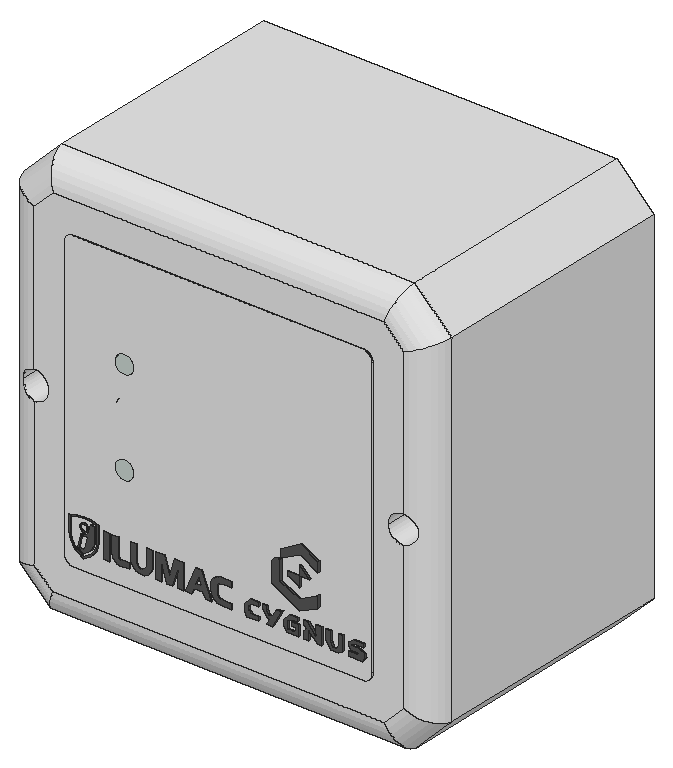
Revit family "Módulo Isolador de Curto Cygnus MIC-G ILUMAC", category Dispositivos de alarme de incêndio, Revit 2022
Family settings
  Cota do conector redondo = Utilizar diâmetro
  Tipo de parte = Normal
  Número OmniClass = 23.80.30.11.17
  Título OmniClass = Distribution Boards and Control Panels
  Com base no plano de trabalho = Não
  Sempre na vertical = Sim
  Corte com vazios quando carregada = Não
  Manter orientação da anotação = Não
  Compartilhado = Não
  Ponto de cálculo do ambiente = Não
Parameters (values of type "MIC-G")
  Umidade relativa = "0 à 95% (sem condensação)"
  Topologia da rede = "Classe A"
  Tensão nominal = "24Vcc"
  Tensão de operação = "0 à 50oC"
  Tensão de acionamento = "<6Vcc"
  Temperatura de operação = "-5 à 55oC"
  Secção máxima do cabo = "2,5mm²"
  Resistência máx. do cabeamento = "25Ω/Km"
  Quant. de dispositivos na entrada = "Até 20 dispositivos convencionais ILUMAC\r\nlimitado à corrente de 2mA total em supervisão**"
  Protocolo de comunicação = "CYGNUS (proprietário)"
  Peso = "125g"
  Normas técnicas aplicáveis = "NBR 17240 / ISO 7240-17"
  Modelo = "MIC-G"
  Material da caixa = "Caixa plástica ABS na cor branco"
  Grau de proteção = "IP42 (à prova de respingo d’água)"
  Fixação = "Sobrepor c/ entrada superior/inferior p/ tubo 3/4\""
  Família desenvolvida por = "BIMPREV | @bimprev | suporte@bimprev.com"
  Fabricante = "ILUMAC"
  Endereços utilizados = "1 endereço"
  Endereços programáveis = "001 à 125 (por laço)"
  Elevação padrão = 0 mm
  Dimensões (AxLxP) = "90x90x55mm"
  Descrição = "Módulo Isolador de Curto Cygnus MIC-G"
  Código do Produto = "0030034"
  Corrente máxima de curto = "2A (para fins de proteção)"
  Consumo de operação máx. V+ = "400mA"
  Consumo = "230uA em supervisão | 3mA quando acionado"
  Comprimento máximo do cabo = "600m (intervalo entre módulos isoladores)"
Reference planes
  plane 1 "Centro (Frente/Trás)": y = 0
  plane 2: z = 0
  plane 3 "Centro (Esquerda/Direita)": x = 0
Forms (mm)
  Extrusion 1, solid, material "Plastico Modulo"
    sketch origin (3.777, -23.215, 42) x (0, 0, 1) y (-1, 0, 0)
      loop
        line (-29.076, 36.865) -> (-29.076, -29.311) -> (34.675, -29.311) -> (34.675, 36.865) -> (-29.076, 36.865)
    from -23.215 to 36.222
  Sweep 2, solid, material "Plastico Modulo"
    path origin (-1, -60, 44.587) x (0, 0, -1) y (1, 0, 0)
      loop
        line (37.012, 47) -> (-37, 47) -> (-45, 39) -> (-45, -37) -> (-37, -45) -> (37.012, -45) -> (44.642, -37.37) -> (44.642, 39.37) -> (37.012, 47)
    profile origin (46, -60, 44.581) x (-1, 0, 0) y (0, -1, 0)
      loop
        line (12.912, -0.563) -> (6.245, -0.563)
        arc (6.245, -0.563) -> (2.205, -2.033) -> (0.055, -5.756) r 6.285
        line (0.055, -5.756) -> (0.055, -60) -> (12.912, -60) -> (12.912, -0.563)
  Extrusion 3, void
    sketch origin (3.777, 2.235, 42) x (0, 0, 1) y (-1, 0, 0)
      loop
        circle (2.799, -35.436) r 3
      loop
        circle (13.638, 23.827) r 2
      loop
        circle (2.799, 42.99) r 3
      loop
        circle (5.111, 23.827) r 2
    from 31.343 to 61.672
  Extrusion 4, solid, material "Vidro, Verde"
    sketch origin (-35, 0, 0) x (-1, 0, 0) y (0, 0, 1)
      loop
        circle (-14.95, 55.638) r 2
      loop
        circle (-14.95, 35.258) r 2
    from -59.644 to -57.828
  Extrusion 5, solid, material "FrenteMódulo"
    sketch origin (0, 0, 0) x (1, 0, 0) y (0, 0, 1)
      loop
        arc (-33.088, 14.874) -> (-32.497, 13.448) -> (-31.071, 12.857) r 2.017
        line (-31.071, 12.857) -> (31.113, 12.857)
        arc (31.113, 12.857) -> (32.51, 13.435) -> (33.088, 14.832) r 1.975
        line (33.088, 14.832) -> (33.088, 74.672)
        arc (33.088, 74.672) -> (32.501, 76.089) -> (31.085, 76.675) r 2.003
        line (31.085, 76.675) -> (-31.083, 76.675)
        arc (-31.083, 76.675) -> (-32.501, 76.088) -> (-33.088, 74.67) r 2.005
        line (-33.088, 74.67) -> (-33.088, 14.874)
    from 58.403 to 59.605
  Extrusion 6, void
    sketch origin (0, 0, 0) x (1, 0, 0) y (0, 0, 1)
      loop
        circle (-39.549, 44.772) r 3.031
      loop
        circle (39.549, 44.772) r 3.031
    from 45.916 to 61.745
  Extrusion 7, solid, material "PLASTICO PRETO"
    sketch origin (-85.229, 0, -120.823) x (-1, 0, 0) y (0, 0, -1)
      loop
        line (-60.576, -142.796) -> (-60.576, -137.413) -> (-61.904, -137.413) -> (-61.904, -142.796) -> (-60.576, -142.796)
      loop
        line (-62.457, -142.796) -> (-62.457, -139.056)
        arc (-62.457, -139.056) -> (-62.939, -137.894) -> (-64.101, -137.413) r 1.644
        line (-64.101, -137.413) -> (-66.179, -137.413) -> (-66.179, -138.565) -> (-64.49, -138.565)
        arc (-64.49, -138.565) -> (-63.991, -138.772) -> (-63.785, -139.27) r 0.705
        line (-63.785, -139.27) -> (-63.785, -142.796) -> (-62.457, -142.796)
      loop
        line (-66.454, -142.796) -> (-66.454, -139.616)
        arc (-66.454, -139.616) -> (-68.812, -137.258) -> (-71.17, -139.616) r 2.358
        line (-71.17, -139.616) -> (-71.17, -142.796) -> (-69.842, -142.796) -> (-69.842, -139.392)
        arc (-69.842, -139.392) -> (-68.812, -138.362) -> (-67.781, -139.392) r 1.03
        line (-67.781, -139.392) -> (-67.781, -142.796) -> (-66.454, -142.796)
      loop
        line (-71.724, -137.413) -> (-73.051, -137.413) -> (-73.051, -140.848) -> (-74.167, -137.413) -> (-75.507, -137.413) -> (-76.578, -140.717) -> (-76.578, -137.413) -> (-77.904, -137.413) -> (-77.904, -142.796) -> (-75.913, -142.796) -> (-74.79, -139.333) -> (-73.664, -142.796) -> (-71.724, -142.796) -> (-71.724, -137.413)
      loop
        line (-78.252, -137.413) -> (-79.626, -137.413) -> (-80.111, -138.565) -> (-82.046, -138.565) -> (-82.532, -137.413) -> (-83.935, -137.413) -> (-81.666, -142.796) -> (-80.518, -142.796) -> (-78.252, -137.413)
      loop
        line (-80.526, -139.55) -> (-81.631, -139.55) -> (-81.15, -141.031) -> (-80.526, -139.55)
      loop
        arc (-85.789, -142.796) -> (-84.331, -142.192) -> (-83.727, -140.734) r 2.061
        line (-83.727, -140.734) -> (-83.727, -139.522)
        arc (-83.727, -139.522) -> (-84.345, -138.031) -> (-85.837, -137.413) r 2.109
        line (-85.837, -137.413) -> (-88.228, -137.413) -> (-88.228, -138.565) -> (-86.183, -138.565)
        arc (-86.183, -138.565) -> (-85.468, -138.861) -> (-85.172, -139.576) r 1.011
        line (-85.172, -139.576) -> (-85.172, -140.604)
        arc (-85.172, -140.604) -> (-85.482, -141.35) -> (-86.228, -141.659) r 1.055
        line (-86.228, -141.659) -> (-88.228, -141.659) -> (-88.228, -142.796) -> (-85.789, -142.796)
    from 58.403 to 59.633
  Extrusion 8, solid, material "PLASTICO PRETO"
    sketch origin (-29.056, 0, -15.222) x (-1, 0, 0) y (0, 0, -1)
      loop
        arc (-1.622, -31.306) -> (-2.841, -32.675) -> (-3.289, -34.452) r 3.855
        line (-3.289, -34.452) -> (-3.315, -37.914)
        arc (-3.315, -37.914) -> (-1.768, -38.363) -> (-0.165, -38.518) r 8.647
        arc (-0.165, -38.518) -> (1.438, -38.362) -> (2.984, -37.912) r 8.647
        line (2.984, -37.912) -> (2.958, -34.685)
        arc (2.958, -34.685) -> (2.456, -32.701) -> (1.094, -31.172) r 4.307
        line (1.094, -31.172) -> (-0.168, -30.304) -> (-1.622, -31.306)
      loop
        circle (-0.25, -36.39) r 0.7
      loop
        arc (-0.049, -35.179) -> (0.328, -35.047) -> (0.539, -34.707) r 0.602
        line (0.539, -34.707) -> (1.106, -32.152) -> (-0.167, -31.275) -> (-1.168, -31.965)
        arc (-1.168, -31.965) -> (-2.134, -33.05) -> (-2.489, -34.458) r 3.055
        line (-2.489, -34.458) -> (-2.511, -37.351)
        arc (-2.511, -37.351) -> (-2.131, -37.461) -> (-1.746, -37.552) r 7.847
        line (-1.746, -37.552) -> (-0.975, -35.178) -> (-0.049, -35.179)
      loop
        line (0.924, -31.419) -> (-0.168, -30.668) -> (-1.452, -31.553)
        arc (-1.452, -31.553) -> (-2.576, -32.816) -> (-2.989, -34.454) r 3.555
        line (-2.989, -34.454) -> (-3.014, -37.708)
        arc (-3.014, -37.708) -> (-1.612, -38.087) -> (-0.165, -38.218) r 8.347
        arc (-0.165, -38.218) -> (1.281, -38.086) -> (2.683, -37.706) r 8.347
        line (2.683, -37.706) -> (2.658, -34.688)
        arc (2.658, -34.688) -> (2.191, -32.841) -> (0.924, -31.419) r 4.007
      loop
        circle (-0.25, -36.39) r 0.9
      loop
        line (0.194, -34.89) -> (0.794, -32.188) -> (-0.342, -32.188) -> (-0.941, -34.89) -> (0.194, -34.89)
    from 58.403 to 59.633
  Extrusion 9, solid, material "PLASTICO PRETO"
    sketch origin (0, 0, 0) x (1, 0, 0) y (0, 0, 1)
      loop
        circle (-39.549, 44.772) r 3.031
      loop
        circle (39.549, 44.772) r 3.031
    from 45.916 to 47.617
  Extrusion 10, solid, material "PLASTICO PRETO"
    sketch origin (-309.986, 150, -151.048) x (-1, 0, 0) y (0, 0, 1)
      loop
        line (-319.017, 171.204) -> (-319.017, 170.333) -> (-317.449, 170.333) -> (-316.876, 169.76) -> (-316.876, 168.964) -> (-317.436, 168.404) -> (-319.017, 168.404) -> (-319.017, 167.595) -> (-316.478, 167.595) -> (-315.909, 168.58) -> (-315.909, 169.931) -> (-317.182, 171.204) -> (-319.017, 171.204)
      loop
        line (-319.852, 171.204) -> (-320.686, 171.204) -> (-320.686, 170.333) -> (-321.124, 169.573) -> (-321.909, 169.573) -> (-322.85, 171.204) -> (-323.981, 171.204) -> (-321.898, 167.595) -> (-320.686, 167.595) -> (-321.288, 168.638) -> (-320.602, 169.034) -> (-319.852, 170.333) -> (-319.852, 171.204)
      loop
        line (-327.411, 171.204) -> (-327.411, 170.358) -> (-326.057, 170.358) -> (-325.169, 169.845) -> (-325.169, 168.358) -> (-326.836, 168.358) -> (-326.836, 169.16) -> (-326.008, 169.16) -> (-326.008, 169.964) -> (-327.57, 169.964) -> (-327.57, 167.595) -> (-324.889, 167.595) -> (-324.286, 168.638) -> (-324.286, 169.68) -> (-325.595, 171.204) -> (-327.411, 171.204)
      loop
        line (-328.742, 167.595) -> (-328.742, 169.213) -> (-329.314, 169.786) -> (-328.742, 170.358) -> (-328.742, 171.204) -> (-329.541, 171.204) -> (-331.318, 169.16) -> (-331.318, 171.204) -> (-332.513, 171.204) -> (-332.513, 167.595) -> (-331.669, 167.595) -> (-329.75, 169.514) -> (-329.75, 167.595) -> (-328.742, 167.595)
      loop
        line (-333.474, 171.204) -> (-334.476, 171.204) -> (-334.476, 169.16) -> (-334.918, 168.211) -> (-335.77, 168.211) -> (-336.167, 168.9) -> (-336.167, 171.204) -> (-337.086, 171.204) -> (-337.086, 167.979) -> (-336.262, 167.595) -> (-334.513, 167.595) -> (-333.474, 169.078) -> (-333.474, 171.204)
      loop
        line (-341.548, 171.204) -> (-341.548, 170.389) -> (-339.474, 170.389) -> (-338.763, 169.891) -> (-340.718, 169.891) -> (-341.805, 169.264) -> (-341.805, 168.433) -> (-341.321, 167.595) -> (-338.264, 167.595) -> (-338.264, 168.604) -> (-340.992, 168.604) -> (-340.304, 169.001) -> (-338.84, 169.001) -> (-338.264, 169.578) -> (-338.264, 170.389) -> (-339.427, 171.204) -> (-341.548, 171.204)
    from -209.92 to -208.97
  Extrusion 11, solid, material "PLASTICO PRETO"
    sketch origin (-292.938, 150, -140.427) x (-1, 0, 0) y (0, 0, 1)
      loop
        line (-310.717, 161.971) -> (-304.655, 165.339) -> (-304.655, 169.136)
        arc (-304.655, 169.136) -> (-305.257, 170.285) -> (-306.545, 170.442) r 1.396
        line (-306.545, 170.442) -> (-306.545, 166.394) -> (-310.799, 164.319) -> (-314.71, 166.434) -> (-314.71, 163.918) -> (-310.717, 161.971)
      loop
        line (-306.623, 170.841) -> (-306.623, 172.551) -> (-310.871, 175.004) -> (-314.71, 172.833) -> (-314.71, 170.829) -> (-310.954, 172.953) -> (-306.623, 170.841)
      loop
        line (-312.917, 168.767) -> (-310.796, 168.767) -> (-310.796, 170.889) -> (-312.917, 168.767)
      loop
        line (-310.644, 168.777) -> (-310.644, 166.45)
        arc (-310.644, 166.45) -> (-309.548, 167.448) -> (-308.166, 167.983) r 4.044
        line (-308.166, 167.983) -> (-308.166, 168.777) -> (-310.644, 168.777)
    from -209.92 to -208.97
Cuts and joins
  Extrusion 3 cuts Extrusion 5
  Extrusion 6 cuts Extrusion 1
  Extrusion 6 cuts Sweep 2
  joined: Extrusion 1, Sweep 2
Dimensions and locks
  aligned and locked: level to plane 2
